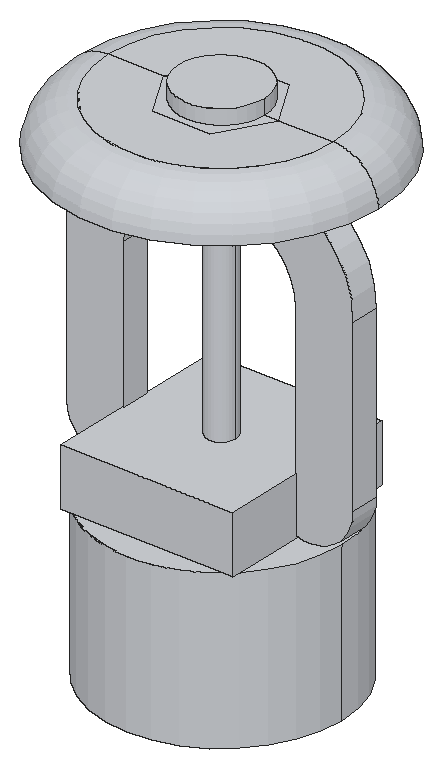
Revit family
Parameters (values of type "RASCO F1FR-300 UPRIGHT")
  Temperature Rating = 175 °F
  Response = 1
  RASCO SIN # = "R5622"
  RASCO Part # = "F1FRU5LW3"
  Pressure Rating = "300 PSI"
  Pressure Class = (empty or 0)
  Orifice Size = 17/32"
  Orifice = (empty or 0)
  Model = "F1FR-300"
  Manufacturer = "RASCO"
  K-Factor = 8
  Description = "White Finish"
  Coverage = (empty or 0)
Reference planes (in)
  plane 1 "Center (Front/Back)": y = 0
  plane 2: z = 0
  plane 3 "Center (Left/Right)": x = 0
Dimensions and locks (in)
  aligned and locked: plane 2 to level
Nested families (in)
  nested 1: "F1FRU5LW3" at (0, 0.03083, 0), type "RASCO F1FR-300 UPRIGHT"
Connectors (in)
  piping at (0, 0.03083, 0)
    settings: on nested 1, index 1, connector radius 1/2", flow factor 0, pipe flow 0 GPM, pressure drop 0.00 psi, fitting loss kfactor 0, connector angle 0.00°, fixture units 0, flow configuration 0, flow direction 0, fitting loss method 0, system type 7, connector reference index -1, connector utility 0, adjustable connector no, is connector primary yes, fitting loss table "", connector description ""
Definition of nested family "F1FRU5LW3"
  Parameters (values of type "RASCO F1FR-300 UPRIGHT")
    Type Comments = ""
    Temperature Rating = 0 °F
    Response = (empty or 0)
    Pressure Rating = "0"
    Pressure Class = (empty or 0)
    Orifice Size = 0"
    Orifice = (empty or 0)
    Model = ""
    Manufacturer = ""
    K-Factor = 0
    Description = ""
    Coverage = (empty or 0)
    Assembly Code = ""
  Reference planes (in)
    plane 1 "Center (Front/Back)": y = 0
    plane 2: z = 0
    plane 3 "ref.2": z = 0.6875
    plane 4 "ref.3": z = 0.9375
    plane 5: x = -0.38065
    plane 6: x = 0.36935
    plane 7 "ref. side 1": y = 0.06402
    plane 8 "ref. side 2": y = -0.06098
    plane 9 "ref.4": z = 1.875
    plane 10 "ref.5": z = 2.3125
    plane 11 "ref.6": z = 2.4375
  Forms (in)
    Extrusion 1, solid
      sketch origin (0, 0, 0) x (1, 0, 0) y (0, 1, 0)
        loop
          circle (0, 0) r 0.5221
      from 0 to 0.6875
    Extrusion 2, solid
      sketch origin (-0.12185, 0.05177, 0.6875) x (1, 0, 0) y (0, 1, 0)
        loop
          line (-0.2588, 0.356) -> (-0.2588, -0.4565) -> (0.4912, -0.4565) -> (0.4912, 0.356) -> (-0.2588, 0.356)
      from 0 to 0.25
    Extrusion 3, solid
      sketch origin (0, 0, 0) x (1, 0, 0) y (0, 0, 1)
        loop
          line (-0.38065, 0.69674) -> (-0.38065, 1.58397)
          arc (-0.38065, 1.58397) -> (-0.29541, 1.78976) -> (-0.08962, 1.875) r 0.29103
          line (-0.08962, 1.875) -> (0.07524, 1.875)
          arc (0.07524, 1.875) -> (0.28321, 1.78886) -> (0.36935, 1.58089) r 0.29411
          line (0.36935, 1.58089) -> (0.36935, 0.69728)
          arc (0.36935, 0.69728) -> (0.54046, 0.72329) -> (0.61935, 0.87734) r 0.18984
          line (0.61935, 0.87734) -> (0.61935, 1.61676)
          arc (0.61935, 1.61676) -> (0.48879, 1.93194) -> (0.17361, 2.0625) r 0.44574
          line (0.17361, 2.0625) -> (-0.18509, 2.0625)
          arc (-0.18509, 2.0625) -> (-0.50015, 1.932) -> (-0.63065, 1.61694) r 0.44556
          line (-0.63065, 1.61694) -> (-0.63065, 0.87876)
          arc (-0.63065, 0.87876) -> (-0.55196, 0.72414) -> (-0.38065, 0.69674) r 0.19126
      from -0.06402 to 0.06098
    Extrusion 4, solid
      sketch origin (0, 0, 0.9375) x (-1, 0, 0) y (0, -1, 0)
        loop
          circle (0.00574, -0.00152) r 0.0625
      from 0 to 0.9375
    Extrusion 5, solid
      sketch origin (0, 0, 1.875) x (-1, 0, 0) y (0, -1, 0)
        loop
          circle (0.00574, -0.00152) r 0.1875
      from 0 to 0.4375
    Revolve 6, solid
      sketch origin (0, 0, -0.2777) x (1, 0, 0) y (0, 0, 1)
        loop
          line (-0.19324, 2.33367) -> (-0.19324, 2.52696) -> (-0.25733, 2.52696) -> (-0.49638, 2.52696)
          arc (-0.49638, 2.52696) -> (-0.63432, 2.47056) -> (-0.69321, 2.33367) r 0.19686
          line (-0.69321, 2.33367) -> (-0.19324, 2.33367)
        axis (-0.00574, 2.33367) -> (-0.00574, 2.52696)
      angle from 0 to 360
  Cuts and joins
    joined: Extrusion 1, Extrusion 2, Extrusion 4, Revolve 6
  Lines and regions (in)
    model lines
      curve 1: line (-0.00574, 0.06402, 1.875) -> (-0.00574, -0.06098, 1.875)
  Dimensions and locks (in)
    Extrusion 3 to Extrusion 3 = 0' - 1 1/4"
    Extrusion 5 to cut or joined group of Extrusion 1, Extrusion 2, Extrusion 4, Revolve 6 = 0' - 2 5/16"
